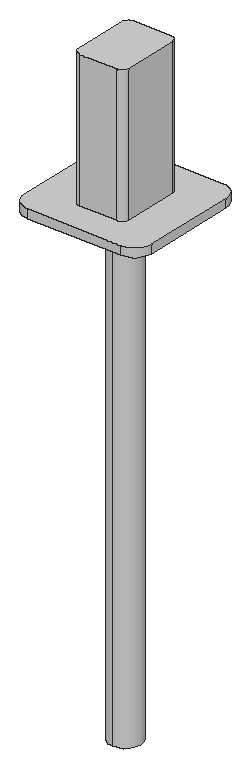
Revit family "EV_FIXING BOLT_1908608", category Generic Models, Revit 2018
Family settings
  Can host rebar = No
  Round Connector Dimension = Use Diameter
  Part Type = Normal
  OmniClass Number = 35.51.14.00
  OmniClass Title = FORMWORK
  Work Plane-Based = Yes
  Always vertical = No
  Cut with Voids When Loaded = No
  Shared = Yes
  Room Calculation Point = No
Parameters
  VERSION = "20170217"  # constant formula
  URL = "www.ulmaconstruction.com/en"
  UNICLASS = ""
  Manufacturer = "ULMA CONSTRUCTION"  # constant formula
  ITEM_CODE = "1908608"
  FILTER [instance] = ""
  Default Elevation = 0.000 mm
  CLASSIFICATION_TITLE = ""
  CLASSIFICATION_NUMBER = ""
Reference planes
  plane 1 "Centro (Frontal/Posterior)": y = 0
  plane 2: z = 0
  plane 3 "Centro (Izquierda/Derecha)": x = 0
Forms (mm)
  Extrusion 1, solid, material "ULMA ZINC"
    sketch origin (0, 0, 0) x (1, 0, 0) y (0, 1, 0)
      loop
        arc (-27.5, 37.5) -> (-34.571, 34.571) -> (-37.5, 27.5) r 10
        line (-37.5, 27.5) -> (-37.5, -27.5)
        arc (-37.5, -27.5) -> (-34.571, -34.571) -> (-27.5, -37.5) r 10
        line (-27.5, -37.5) -> (27.5, -37.5)
        arc (27.5, -37.5) -> (34.571, -34.571) -> (37.5, -27.5) r 10
        line (37.5, -27.5) -> (37.5, 27.5)
        arc (37.5, 27.5) -> (34.571, 34.571) -> (27.5, 37.5) r 10
        line (27.5, 37.5) -> (-27.5, 37.5)
    from 0 to 5
  Extrusion 2, solid, material "ULMA ZINC"
    sketch origin (0, 0, 0) x (1, 0, 0) y (0, 1, 0)
      loop
        arc (15, 16) -> (13.828, 18.828) -> (11, 20) r 4
        line (11, 20) -> (-11, 20)
        arc (-11, 20) -> (-13.828, 18.828) -> (-15, 16) r 4
        line (-15, 16) -> (-15, -16)
        arc (-15, -16) -> (-13.828, -18.828) -> (-11, -20) r 4
        line (-11, -20) -> (11, -20)
        arc (11, -20) -> (13.828, -18.828) -> (15, -16) r 4
        line (15, -16) -> (15, 16)
    from 5 to 85
  Extrusion 3, solid, material "ULMA ZINC"
    sketch origin (0, 0, 0) x (1, 0, 0) y (0, 1, 0)
      loop
        circle (0, 0) r 9
    from -282 to 0
Lines and regions (mm)
  model lines, style "ULMA BOLT", detail levels fine
    curve 1: circle (0, 0, 65) r 10.25 normal (1, 0, 0)
    curve 2: circle (0, 0, 65) r 10.25 normal (1, 0, 0)
    curve 3: circle (15, 0, 65) r 10.25 normal (1, 0, 0)
    curve 4: circle (-15, 0, 65) r 10.25 normal (1, 0, 0)
Dimensions and locks
  aligned and locked: level to plane 2
